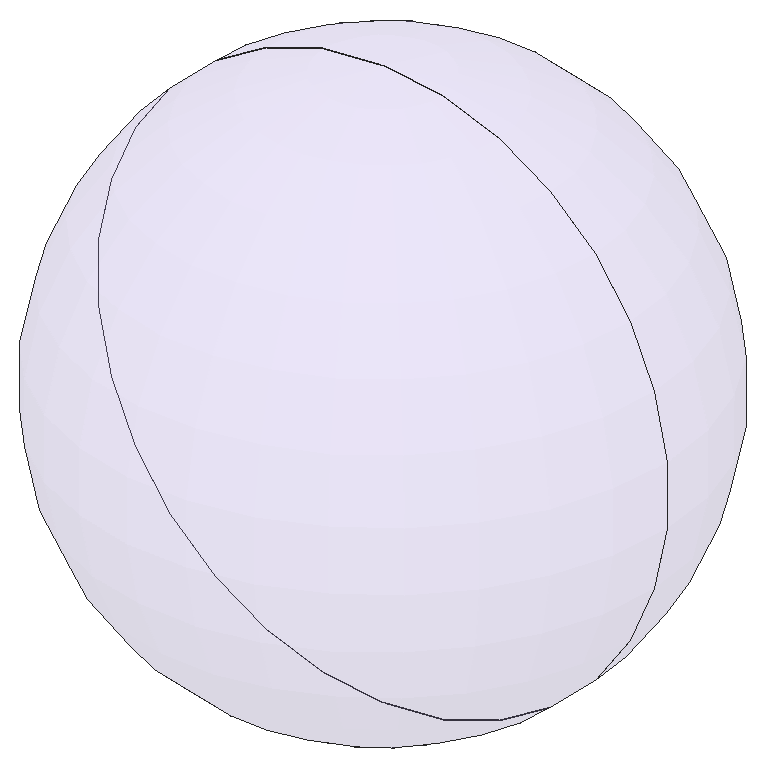
Revit family
Parameters
  Radius [instance] = 4500 mm
  Mass Material [instance] = Default Mass
  Default Elevation = 1219.2 mm
Reference planes
  plane 1 "Center (Front/Back)": y = 12.955
  plane 2: z = 0
  plane 3 "Center (Left/Right)": x = -30.261
  plane 4: x = -4530.261
  plane 5: y = 4512.955
  plane 6: x = 4469.739
  plane 7: y = -4487.045
  plane 8: z = 4500
  plane 9: z = -4500
Forms (mm)
  Revolve 1, solid, material "Default Mass" <- "Mass Material"
    sketch origin (0, 12.955, 0) x (1, 0, 0) y (0, 0, 1)
      loop
        line (-30.261, -4500) -> (-30.261, 4500)
        arc (-30.261, 4500) -> (-4530.261, 0) -> (-30.261, -4500) r 4500
      axis (-30.261, -4500) -> (-30.261, 4500)
    angle from 0 to 360
Dimensions and locks
  "Radius": plane 5 to plane 1 "Center (Front/Back)"
  "Radius": plane 7 to plane 1 "Center (Front/Back)"
  "Radius": plane 4 to plane 3 "Center (Left/Right)"
  "Radius": plane 3 "Center (Left/Right)" to plane 6
  "Radius": plane 8 to plane 2
  "Radius": plane 2 to plane 9
  locked: plane 2 to Revolve 1 sketch curve
  locked: plane 3 "Center (Left/Right)" to Revolve 1 sketch curve at 0
  locked: plane 2 to level
  aligned and locked: Revolve 1 sketch curve to plane 3 "Center (Left/Right)"
Automatic sketch dimensions
  Revolve 1 sketch curve to plane 3 "Center (Left/Right)" = 0 mm
  Revolve 1 sketch curve to plane 9 = 0 mm
  Revolve 1 sketch curve to Revolve 1 sketch curve = 800 mm
  Revolve 1 sketch curve to Revolve 1 sketch curve = 900 mm
